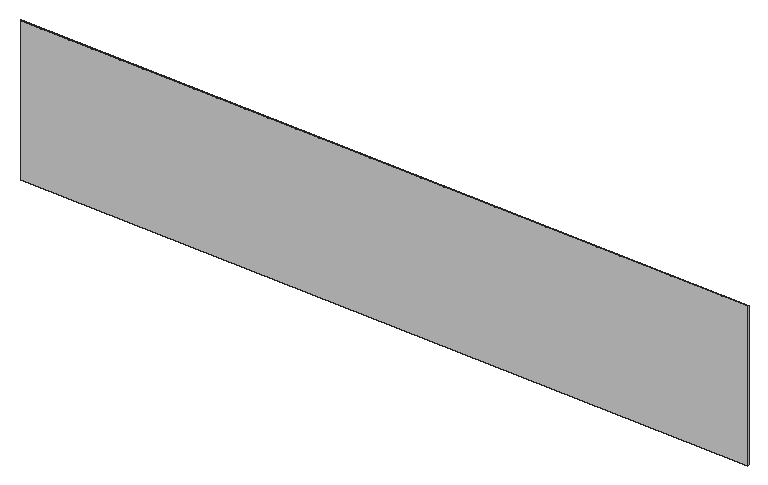
Revit family "Lintel Plate", category Structural Framing, Revit 2024
Family settings
  Section Shape = Rectangle
  Material for Model Behavior = Steel
  Always export as geometry = No
  Always vertical = No
  Cut with Voids When Loaded = No
  Symbolic Representation = From Project Settings
  Shared = No
  Show family pre-cut in plan views = Yes
Parameters (values of type "300mm")
  Structural Material [instance] = Metal - Steel - S275
  Short Tag = ""
  Reported Length [instance] = 1524 mm
  Model = "V2"
  Long Tag = ""
  Assembly Code = "B10"
  Length [instance] = 1524 mm
  b = 1.5 mm
  d = 300 mm
Types (2, lengths in mm): name | d
  230mm | 230
  300mm | 300
Reference planes
  plane 1 "Center (Front/Back)": y = 0
  plane 2: z = 0
  plane 3 "Center (Left/Right)": x = 4.61
  plane 4: y = 0.75
  plane 5: y = -0.75
  plane 6: z = 150
  plane 7: z = -150
  plane 8 "Left": x = -757.39
  plane 9 "Right": x = 766.61
Forms (mm)
  Sweep 1, solid, material "Metal - Steel - S275" <- "Structural Material", detail levels medium+fine
    path origin (0, 0, 0) x (1, 0, 0) y (0, 1, 0)
      loop
        line (766.61, 0) -> (-757.39, 0)
    profile "Rectangular Wood Beam-Profile : Rectangular Wood Beam-Profile" origin (4.61, 0, 0) x (0, -1, 0) y (0, 0, 1)
      loop
        line (-0.75, -150) -> (0.75, -150) -> (0.75, 150) -> (-0.75, 150) -> (-0.75, -150)
Lines and regions (mm)
  symbolic lines, style "Stick Symbols", detail levels coarse
    curve 1: line (4.61, 0.75, 150) -> (4.61, -0.75, 150)
    curve 2: line (4.61, -0.75, -150) -> (4.61, 0.75, -150)
    curve 3: line (4.61, -0.75, 150) -> (4.61, -0.75, -150)
    curve 4: line (4.61, 0.75, -150) -> (4.61, 0.75, 150)
  model lines, style "BIMSF.Framing"
    curve 5: line (-757.39, 0, 0) -> (766.61, 0, 0)
Dimensions and locks
  "b": plane 4 to plane 5
  "d": plane 7 to plane 6
  equal spacing: plane 7, plane 2, plane 6
  equal spacing: plane 4, plane 1 "Center (Front/Back)", plane 5
  "Length": plane 8 "Left" to plane 9 "Right"
  "Reported Length": plane 8 "Left" to plane 9 "Right"
  aligned and locked: Sweep 1 sketch curve to plane 1 "Center (Front/Back)"
  aligned and locked: curve 1 to Sweep 1
  aligned and locked: curve 2 to Sweep 1
  aligned and locked: curve 3 to Sweep 1
  aligned and locked: curve 4 to Sweep 1
  aligned and locked: plane 8 "Left" to curve 5
  aligned and locked: plane 9 "Right" to curve 5
Automatic sketch dimensions
  Sweep 1 sketch curve to plane 8 "Left" = 0 mm
  plane 9 "Right" to Sweep 1 sketch curve = 0 mm
  curve 5 to plane 1 "Center (Front/Back)" = 0 mm
